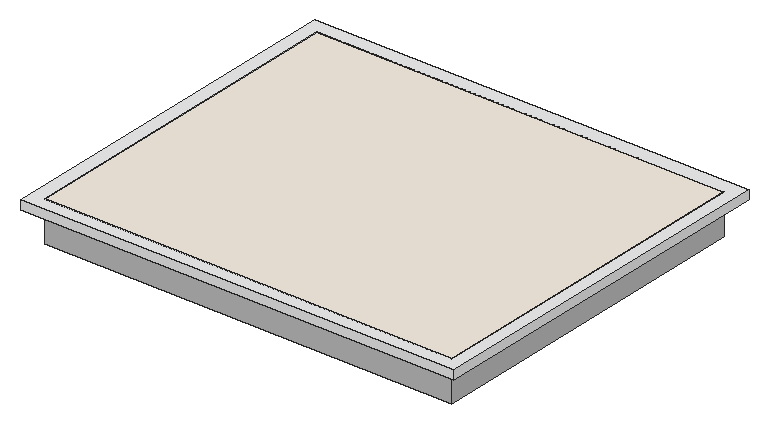
Revit family "Lighting-Industriale-GEWISS-ELIA-HL-LED_RIFLETTORE", category Apparecchi per illuminazione, host Superficie, Revit 2019 (continued)
Types (12, lengths in mm): name | Tensione | Scheda Tecnica | Potenza di sistema | Peso (kg): | Peso (kg) | Ottica | built-in parameter 1150142 | Lumen output (lm) | Modello | IDT | File diagramma fotometrico | Description
    08 73.99 61.96 50.54 40.24 \r\n31.39 23.89 17.78 12.98 9.52 7.19 5.76 5.33 \r\n4943.60 4943.60 4943.60 4945.30 4945.30 4947.00 4947.85 \r\n4949.55 4951.25 4953.80 4956.35 4958.90 4962.30 4966.55 \r\n4969.95 4974.20 4978.45 4983.55 4988.65 4993.75 4999.70 \r\n5004.80 5009.90 5015.00 5020.95 5026.05 5031.15 5036.25 \r\n5041.35 5046.45 5050.70 5055.80 5060.90 5066.00 5071.10 \r\n5077.05 5082.15 5088.10 5094.05 5100.00 5106.80 5112.75 \r\n5119.55 5127.20 5134.85 5141.65 5150.15 5158.65 5167.15 \r\n5175.65 5184.15 5192.65 5201.15 5207.95 5214.75 5222.40 \r\n5229.20 5234.30 5239.40 5244.50 5249.60 5253.00 5255.55 \r\n5258.95 5260.65 5261.50 5262.35 5262.35 5261.50 5259.80 \r\n5258.10 5254.70 5249.60 5243.65 5237.70 5230.90 5222.40 \r\n5213.05 5202.85 5190.95 5178.20 5164.60 5150.15 5134.85 \r\n5117.85 5099.15 5080.45 5060.05 5039.65 5017.55 4992.90 \r\n4967.40 4939.35 4904.50 4865.40 4819.50 4768.50 4710.70 \r\n4647.80 4578.95 4507.55 4437.00 4364.75 4290.80 4211.75 \r\n4125.05 4032.40 3936.35 3835.20 3730.65 3622.70 3511.35 \r\n3398.30 3288.65 3181.55 3077.00 2975.00 2873.85 2774.40 \r\n2675.80 2578.05 2482.85 2390.20 2296.70 2206.60 2118.20 \r\n2031.50 1945.65 1862.35 1781.60 1704.25 1625.45 1548.53 \r\n1473.81 1401.48 1331.95 1264.20 1196.46 1130.50 1068.28 \r\n1007.93 948.09 889.95 834.87 782.42 733.29 686.88 642.94 \r\n601.29 561.85 524.45 489.17 455.77 424.23 394.06 364.73 \r\n336.35 309.14 282.88 257.21 232.90 211.05 190.31 169.63 \r\n150.09 132.73 116.64 101.13 86.69 73.67 61.69 50.35 40.10 \r\n31.31 23.86 17.78 13.00 9.51 7.16 5.74 5.32 \r\n4943.60 4943.60 4943.60 4945.30 4945.30 4947.00 4947.85 \r\n4949.55 4951.25 4953.80 4956.35 4958.90 4962.30 4965.70 \r\n4970.80 4974.20 4979.30 4983.55 4988.65 4994.60 4999.70 \r\n5004.80 5009.90 5015.00 5020.95 5026.05 5031.15 5036.25 \r\n5041.35 5046.45 5051.55 5055.80 5060.90 5066.00 5071.10 \r\n5076.20 5082.15 5087.25 5094.05 5100.00 5106.80 5112.75 \r\n5119.55 5127.20 5134.00 5142.50 5149.30 5158.65 5167.15 \r\n5175.65 5185.00 5193.50 5201.15 5208.80 5215.60 5223.25 \r\n5229.20 5235.15 5240.25 5244.50 5249.60 5253.00 5255.55 \r\n5258.95 5260.65 5261.50 5263.20 5262.35 5261.50 5259.80 \r\n5257.25 5253.85 5249.60 5243.65 5236.85 5230.05 5221.55 \r\n5212.20 5202.00 5190.10 5178.20 5163.75 5150.15 5133.15 \r\n5116.15 5099.15 5080.45 5060.05 5038.80 5017.55 4993.75 \r\n4968.25 4939.35 4904.50 4865.40 4820.35 4771.05 4712.40 \r\n4649.50 4578.95 4507.55 4436.15 4364.75 4290.80 4211.75 \r\n4125.05 4031.55 3935.50 3834.35 3731.50 3624.40 3512.20 \r\n3400.00 3289.50 3182.40 3077.00 2975.00 2874.70 2775.25 \r\n2675.80 2578.05 2483.70 2390.20 2298.40 2207.45 2119.05 \r\n2032.35 1945.65 1861.50 1782.45 1704.25 1625.96 1548.36 \r\n1472.63 1399.27 1329.40 1261.65 1193.99 1128.38 1066.15 \r\n1005.89 946.13 888.16 832.91 780.55 731.51 685.27 641.41 \r\n599.84 560.41 523.17 488.07 454.83 423.38 393.13 363.88 \r\n335.67 308.55 282.37 256.62 232.39 210.54 189.98 169.20 \r\n149.57 132.16 116.08 100.66 86.32 73.36 61.45 50.17 39.97 \r\n31.23 23.82 17.78 13.02 9.51 7.13 5.71 5.31 \r\n4943.60 4943.60 4943.60 4945.30 4945.30 4947.00 4947.85 \r\n4949.55 4951.25 4953.80 4955.50 4958.90 4962.30 4965.70 \r\n4970.80 4974.20 4979.30 4984.40 4989.50 4994.60 4999.70 \r\n5004.80 5009.90 5015.85 5021.80 5026.90 5032.00 5037.10 \r\n5041.35 5046.45 5051.55 5055.80 5060.90 5066.00 5071.10 \r\n5076.20 5082.15 5087.25 5094.05 5100.00 5105.95 5112.75 \r\n5119.55 5126.35 5134.00 5141.65 5150.15 5158.65 5167.15 \r\n5176.50 5185.00 5193.50 5202.00 5208.80 5216.45 5223.25 \r\n5230.05 5235.15 5240.25 5245.35 5248.75 5253.85 5256.40 \r\n5258.95 5260.65 5261.50 5263.20 5262.35 5261.50 5259.80 \r\n5256.40 5253.00 5249.60 5243.65 5236.85 5228.35 5220.70 \r\n5211.35 5201.15 5190.10 5177.35 5163.75 5149.30 5133.15 \r\n5116.15 5098.30 5078.75 5059.20 5038.80 5016.70 4993.75 \r\n4969.10 4940.20 4905.35 4865.40 4821.20 4771.90 4713.25 \r\n4649.50 4579.80 4507.55 4437.00 4364.75 4289.95 4210.90 \r\n4123.35 4031.55 3933.80 3834.35 3731.50 3624.40 3513.90 \r\n3400.85 3290.35 3181.55 3077.85 2975.85 2874.70 2775.25 \r\n2675.80 2578.90 2484.55 2391.05 2299.25 2207.45 2119.05 \r\n2032.35 1945.65 1861.50 1783.30 1705.10 1626.31 1548.19 \r\n1471.52 1397.31 1327.19 1259.19 1191.87 1126.51 1064.28 \r\n1004.11 944.43 886.55 831.22 778.77 729.89 683.83 640.05 \r\n598.57 559.22 522.07 487.13 453.98 422.45 392.36 363.12 \r\n335.07 308.04 281.94 256.19 231.79 210.12 189.63 168.82 \r\n149.08 131.65 115.58 100.23 85.98 73.08 61.23 50.00 39.86 \r\n31.16 23.78 17.77 13.03 9.50 7.10 5.68 5.30 \r\n4943.60 4943.60 4943.60 4945.30 4945.30 4947.00 4947.00 \r\n4948.70 4951.25 4953.80 4955.50 4958.90 4962.30 4965.70 \r\n4970.80 4974.20 4979.30 4984.40 4989.50 4994.60 4999.70 \r\n5004.80 5009.90 5016.70 5021.80 5026.90 5032.00 5037.10 \r\n5042.20 5046.45 5050.70 5055.80 5060.90 5066.00 5071.10 \r\n5076.20 5081.30 5088.10 5094.05 5100.00 5105.95 5112.75 \r\n5119.55 5126.35 5134.00 5141.65 5150.15 5158.65 5168.00 \r\n5176.50 5185.00 5193.50 5202.00 5208.80 5216.45 5223.25 \r\n5230.05 5235.15 5240.25 5245.35 5249.60 5253.00 5256.40 \r\n5258.95 5261.50 5261.50 5263.20 5262.35 5261.50 5259.80 \r\n5256.40 5253.00 5248.75 5242.80 5236.00 5228.35 5219.85 \r\n5211.35 5201.15 5189.25 5176.50 5163.75 5149.30 5133.15 \r\n5116.15 5097.45 5078.75 5059.20 5037.95 5016.70 4994.60 \r\n4969.10 4940.20 4905.35 4866.25 4822.05 4772.75 4714.10 \r\n4651.20 4580.65 4508.40 4437.00 4363.90 4289.95 4210.05 \r\n4122.50 4029.85 3932.95 3833.50 3731.50 3626.10 3513.90 \r\n3401.70 3290.35 3181.55 3077.85 2975.85 2875.55 2775.25 \r\n2676.65 2579.75 2484.55 2391.90 2300.10 2208.30 2119.90 \r\n2033.20 1946.50 1861.50 1783.30 1705.95 1626.64 1548.11 \r\n1470.59 1395.53 1325.15 1257.23 1190.00 1124.81 1062.76 \r\n1002.58 942.99 885.11 829.77 777.33 728.53 682.55 638.78 \r\n597.38 558.20 521.13 486.29 453.22 421.77 391.60 362.52 \r\n334.48 307.62 281.61 255.76 231.37 209.78 189.38 168.49 \r\n148.67 131.21 115.16 99.88 85.69 72.84 61.03 49.85 39.76 \r\n31.08 23.74 17.77 13.04 9.50 7.07 5.66 5.29 \r\n4943.60 4943.60 4943.60 4945.30 4945.30 4947.00 4947.00 \r\n4948.70 4952.10 4953.80 4955.50 4958.90 4962.30 4965.70 \r\n4970.80 4974.20 4979.30 4984.40 4989.50 4994.60 4999.70 \r\n5004.80 5009.90 5016.70 5021.80 5026.90 5032.00 5037.10 \r\n5042.20 5047.30 5050.70 5055.80 5060.90 5066.00 5071.10 \r\n5076.20 5081.30 5088.10 5093.20 5100.00 5106.80 5111.90 \r\n5118.70 5127.20 5134.00 5142.50 5151.00 5159.50 5168.00 \r\n5176.50 5185.00 5193.50 5202.00 5208.80 5217.30 5224.10 \r\n5229.20 5236.00 5241.10 5244.50 5249.60 5253.00 5256.40 \r\n5259.80 5261.50 5261.50 5263.20 5261.50 5261.50 5259.80 \r\n5256.40 5253.00 5247.90 5242.80 5236.00 5227.50 5219.00 \r\n5210.50 5200.30 5188.40 5176.50 5162.90 5149.30 5132.30 \r\n5115.30 5096.60 5077.90 5057.50 5037.10 5016.70 4994.60 \r\n4969.10 4940.20 4906.20 4867.10 4822.90 4771.90 4715.80 \r\n4651.20 4581.50 4508.40 4437.00 4363.90 4289.10 4210.90 \r\n4122.50 4029.00 3932.10 3833.50 3731.50 3626.10 3515.60 \r\n3401.70 3291.20 3182.40 3078.70 2976.70 2874.70 2776.10 \r\n2677.50 2578.90 2485.40 2391.90 2300.10 2210.00 2119.90 \r\n2033.20 1946.50 1861.50 1783.30 1706.80 1626.90 1547.85 \r\n1469.82 1394.17 1323.45 1255.62 1188.47 1123.53 1061.65 \r\n1001.47 941.80 884.17 828.75 776.22 727.43 681.70 637.84 \r\n596.53 557.43 520.37 485.69 452.71 421.26 391.00 362.10 \r\n334.05 307.36 281.35 255.51 231.03 209.44 189.21 168.23 \r\n148.36 130.87 114.82 99.59 85.46 72.66 60.88 49.74 39.68 \r\n31.04 23.71 17.75 13.04 9.49 7.05 5.64 5.29 \r\n" | "17000" | "GWF1001MM840" | "40ad6db1-f278-4a9c-a2fd-9563eef2b31f" | "GWF1001MM840.IES" | "ELIA HL M2 120° 4000K S.ALONE DALI"
